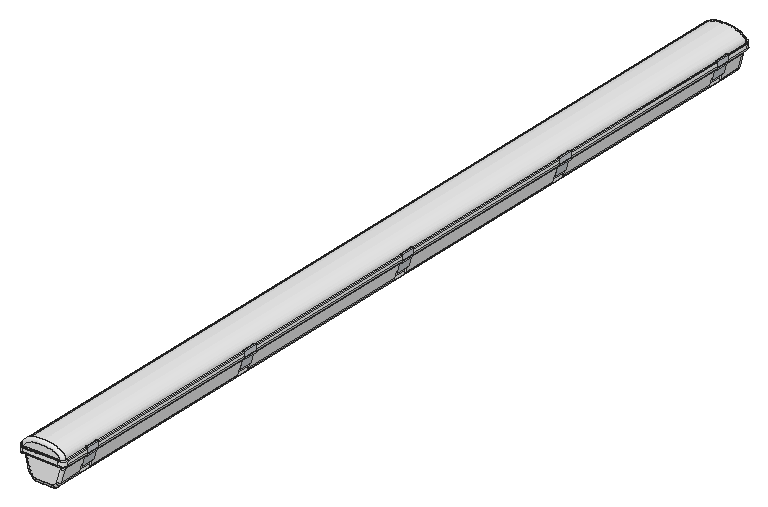
Revit family "0068051", category Lighting Fixtures, host Face, Revit 2017
Family settings
  Host = Face
  Round Connector Dimension = Use Diameter
  Part Type = Normal
  OmniClass Number = 23.80.70.11.14
  OmniClass Title = General Luminaries, Directional
  Cut with Voids When Loaded = No
  Light Source = Yes
  Shared = No
  Room Calculation Point = No
Parameters (values of type "0068051 START Waterproof S 1500 IP65 4000LM 840 SSE")
  Width = 84 mm
  Weight = "2.08 kg"
  Wattage Comments = "n/a"
  Wattage = 35 W
  WarrantyStartDate [instance] = "n/a"
  WarrantyGuarantorParts = "n/a"
  WarrantyDurationUnit = "n/a"
  WarrantyDurationParts = "n/a"
  WarrantyDescription = "n/a"
  built-in parameter 1150110 = 1 (stored number, unit not read)
  Voltage = 230 V
  URL = "http://www.sylvania-lighting.com"
  TypeName = "START Waterproof S 1500 IP65 4000LM 840 SSE"
  Type Image = <None>
  Type Comments = "n/a"
  built-in parameter 1114217 = 1 (stored number, unit not read)
  Tilt Angle = -90.00°
  built-in parameter 1150109 = 1 (stored number, unit not read)
  built-in parameter 1150134 = 12
  built-in parameter 1150113 = 1 (stored number, unit not read)
  SerialNumber [instance] = "n/a"
  ReflectorMaterial = none
  PowerFactor = 0
  PowerConsumption = "35 W"
  Photometric Web File = "0068051.ies"
  NominalWidth = 0 mm
  NominalLength = 1578 mm
  NominalHeight = 75 mm
  Name = "START Waterproof S 1500 IP65 4000LM 840 SSE"
  ModelReference = "START Waterproof S 1500 IP65 4000LM 840 SSE"
  ModelNumber = "0068051"
  Model = "START Waterproof S 1500 IP65 4000LM 840 SSE"
  Material = "polycarbonate housing, polycarbonate diffuser"
  ManufacturerName = "Feilo Sylvania"
  Manufacturer = "Feilo Sylvania"
  LuminousEfficacy = "113 lm/W"
  built-in parameter 1150105 = 314.73 (stored number, unit not read)
  Lumens = 3955 lm
  LuminaireType = ""
  built-in parameter 1150115 = 1 (stored number, unit not read)
  LightOutputRatio = "n/a"
  built-in parameter 1150137 = (empty or 0)
  built-in parameter 1150139 = (empty or 0)
  Length = 1572 mm
  LampsType = Lamp  # "LED"
  LampNominalLuminous = "3940 lm"
  LampMacAdamStep = "n/a"
  LampColourTemperature = "4000 K"
  LampColourRenderingIndex = "80"
  built-in parameter 1150112 = 1 (stored number, unit not read)
  built-in parameter 1150114 = 1 (stored number, unit not read)
  Lamp = "LED"
  Keynote = "16500"
  InstallationDate [instance] = "n/a"
  InputVoltage = "n/a"
  InputNominalFrequency = "n/a"
  built-in parameter 1150132 = (empty or 0)
  built-in parameter 1150102 = (empty or 0)
  built-in parameter 1150107 = 4000 (stored number, unit not read)
  built-in parameter 1150138 = (empty or 0)
  IngressProtection = "IP65"
  ImpactProtectionIndex = "IK08"
  built-in parameter 1150106 = 3.1473 (stored number, unit not read)
  IfcExportType = "IfcLightFixtureType"
  IfcExportAs = "IfcLightFixtureType"
  ExpectedLife = 50000
  Emit from Rectangle Width = Width - 20 mm  # 64 mm
  Emit from Rectangle Length = Length - 20 mm  # 1552 mm
  Emit Shape Visible in Rendering = no
  ElectricShockClassification = "Class I"
  built-in parameter 1150104 = 10.498 (stored number, unit not read)
  DurationUnit = "hours"
  DocumentationLiterature = "http://www.sylvania-lighting.com/product/en-int/products/0068051"
  DimmingControlOptions = "n/a"
  Dimming Lamp Color Temperature Shift = <None>
  DiffuserMaterial = Diffuser-Sylvania-Transparent
  Description = "Start Waterproof, integrated LED weatherproof luminaire, with UV stabilized flat diffuser and linear prisms designed to achieve uniform lit appearance, optimise light output and to reduce glare, stainless steel diffuser clips and fixing brackets for surface mounting. Polycarbonate housing, Polycarbonate diffuser"
  Default Elevation = 1219.2 mm
  CreatedOn = "11/27/2018"
  CreatedBy = "@sylvania-lighting.com"
  Cost = 0
  Color Filter = 16777215
  built-in parameter 1114216 [instance] = (empty or 0)
  ClassificationValue = "EF_70_80"
  ClassificationName = "Uniclass2015"
  BodyMaterial = Body-Sylvania-Gray
  BarCode [instance] = "n/a"
  built-in parameter 1114218 = 1 (stored number, unit not read)
  built-in parameter 1150133 = 10 (stored number, unit not read)
  AssetType = "Fixed"
  AssetIdentifier [instance] = "n/a"
  Assembly Code = "D5020200"
  Apparent Load = 35 VA
  AccessoryMaterial = Diffuser-Sylvania-Glow
Reference planes
  plane 1 "Center (Front/Back)": y = 0
  plane 2: z = 0
  plane 3 "Center (Left/Right)": x = 0
  plane 4: z = 54
  plane 5: x = -14.7
  plane 6: x = -21.8
  plane 7: x = -26.6
  plane 8: x = -29.2
  plane 9: z = 3
  plane 10: z = 7.8
  plane 11: z = 12.3
  plane 12: z = 36.6
  plane 13: z = 42.8
  plane 14: x = -38.1
  plane 15: z = 46.2
  plane 16: x = -42
  plane 17: y = 786
  plane 18: y = -786
  plane 19: x = 14.7
  plane 20: x = 21.8
  plane 21: x = 26.6
  plane 22: x = 29.2
  plane 23: x = 38.1
  plane 24: x = 42
  plane 25: y = 778.4
  plane 26: y = -778.4
  plane 27: y = -774.7
  plane 28: y = 774.7
  plane 29: z = 74
  plane 30: x = -38.5
  plane 31: x = 38.5
  plane 32: z = 55.2
  plane 33: y = -782.5
  plane 34: y = 782.5
  plane 35: x = -24.5
  plane 36: x = 24.5
  plane 37: x = -35.7
  plane 38: x = 35.7
  plane 39: z = 50.2
  plane 40: z = 24.6
  plane 41: y = -720
  plane 42: y = -734
  plane 43: y = -706
  plane 44: y = 720
  plane 45: y = -720
  plane 46: y = -734
  plane 47: y = -706
  plane 48: y = 720
  plane 49: y = 706
  plane 50: y = 734
  plane 51: y = -360
  plane 52: y = -374
  plane 53: y = -346
  plane 54: y = 0
  plane 55: y = -14
  plane 56: y = 14
  plane 57: y = 360
  plane 58: y = 346
  plane 59: y = 374
Forms (mm)
  Sweep 1, solid, material "Body-Sylvania-Gray" <- "BodyMaterial", detail levels medium+fine
    path origin (1223.4, -4572, 54) x (0, -1, 0) y (1, 0, 0)
      loop
        arc (-3796, -1265.4) -> (-3788.929, -1262.471) -> (-3786, -1255.4) r 10
        line (-3786, -1255.4) -> (-3786, -1191.4)
        arc (-3786, -1191.4) -> (-3788.929, -1184.329) -> (-3796, -1181.4) r 10
        line (-3796, -1181.4) -> (-5348, -1181.4)
        arc (-5348, -1181.4) -> (-5355.071, -1184.329) -> (-5358, -1191.4) r 10
        line (-5358, -1191.4) -> (-5358, -1255.4)
        arc (-5358, -1255.4) -> (-5355.071, -1262.471) -> (-5348, -1265.4) r 10
        line (-5348, -1265.4) -> (-3796, -1265.4)
    profile origin (-42, 0, 54) x (-1, 0, 0) y (0, 0, 1)
      loop
        line (0, 0) -> (-1, 0) -> (-1, -7.726)
        arc (-1, -7.726) -> (-1.994, -9.498) -> (-3.9, -10.2) r 2.937
        line (-3.9, -10.2) -> (-8.571, -10.2) -> (-8.571, -11.2) -> (-3.9, -11.2)
        arc (-3.9, -11.2) -> (-1.313, -10.231) -> (0, -7.8) r 3.937
        line (0, -7.8) -> (0, 0)
  Sweep 2, solid, material "Body-Sylvania-Gray" <- "BodyMaterial", detail levels medium+fine
    path origin (0, 0, 0) x (1, 0, 0) y (0, 0, 1)
      loop
        line (35.7, 42.8) -> (35.7, 36.6) -> (29.203, 12.31)
        arc (29.203, 12.31) -> (28.199, 9.884) -> (26.6, 7.8) r 10.052
        line (26.6, 7.8) -> (21.8, 3)
        arc (21.8, 3) -> (18.554, 0.781) -> (14.7, 0) r 9.902
        line (14.7, 0) -> (0, 0) -> (-14.7, 0)
        arc (-14.7, 0) -> (-18.554, 0.781) -> (-21.8, 3) r 9.902
        line (-21.8, 3) -> (-26.6, 7.8)
        arc (-26.6, 7.8) -> (-28.199, 9.884) -> (-29.203, 12.31) r 10.052
        line (-29.203, 12.31) -> (-35.7, 36.6) -> (-35.7, 42.8)
    profile origin (0, 0, 0) x (0, 0, -1) y (0, -1, 0)
      loop
        arc (0, 773.4) -> (-1.464, 776.936) -> (-5, 778.4) r 5
        line (-5, 778.4) -> (-7.8, 778.4) -> (-7.8, -778.4) -> (-5, -778.4)
        arc (-5, -778.4) -> (-1.464, -776.936) -> (0, -773.4) r 5
        line (0, -773.4) -> (0, 773.4)
  Extrusion 3, solid, material "Body-Sylvania-Gray" <- "BodyMaterial", detail levels medium+fine
    sketch origin (1524, 778.4, 1219.2) x (1, 0, 0) y (0, 0, 1)
      loop
        arc (-1545.668, -1204.874) -> (-1545.443, -1205.418) -> (-1545.085, -1205.885) r 2.252
        line (-1545.085, -1205.885) -> (-1540.231, -1210.738)
        arc (-1540.231, -1210.738) -> (-1539.534, -1211.227) -> (-1538.7, -1211.4) r 2.102
        line (-1538.7, -1211.4) -> (-1509.3, -1211.4)
        arc (-1509.3, -1211.4) -> (-1508.466, -1211.227) -> (-1507.769, -1210.738) r 2.102
        line (-1507.769, -1210.738) -> (-1502.915, -1205.885)
        arc (-1502.915, -1205.885) -> (-1502.557, -1205.418) -> (-1502.332, -1204.874) r 2.252
        line (-1502.332, -1204.874) -> (-1496.1, -1181.575) -> (-1496.1, -1176.4) -> (-1551.9, -1176.4) -> (-1551.9, -1181.575) -> (-1545.668, -1204.874)
    from 0 to 1556.8
  Sweep 4, solid, material "Diffuser-Sylvania-Transparent" <- "DiffuserMaterial", detail levels medium+fine
    path origin (0, 0, 0) x (1, 0, 0) y (0, 0, 1)
      loop
        spline (-38.5, 55.2) -> (-37.188, 60.066) -> (-33.342, 64.6) -> (-27.224, 68.494) -> (-19.25, 71.481) -> (-9.965, 73.359) -> (0, 74) -> (9.965, 73.359) -> (19.25, 71.481) -> (27.224, 68.494) -> (33.342, 64.6) -> (37.188, 60.066) -> (38.5, 55.2)
    profile origin (38.5, 0, 55.2) x (0, -1, 0) y (1, 0, 0)
      loop
        arc (782.5, -5.5) -> (780.889, -1.611) -> (777, 0) r 5.5
        line (777, 0) -> (-777, 0)
        arc (-777, 0) -> (-780.889, -1.611) -> (-782.5, -5.5) r 5.5
        line (-782.5, -5.5) -> (-782.5, -6.3) -> (-781.5, -6.3) -> (-781.5, -5.5)
        arc (-781.5, -5.5) -> (-780.182, -2.318) -> (-777, -1) r 4.5
        line (-777, -1) -> (777, -1)
        arc (777, -1) -> (780.182, -2.318) -> (781.5, -5.5) r 4.5
        line (781.5, -5.5) -> (781.5, -6.347) -> (782.5, -6.347) -> (782.5, -5.5)
  Extrusion 5, solid, material "Diffuser-Sylvania-Transparent" <- "DiffuserMaterial", detail levels medium+fine
    sketch origin (1524, -782.5, 1219.2) x (1, 0, 0) y (0, 0, 1)
      loop
        line (-1556.653, -1164) -> (-1491.347, -1164)
        spline (-1491.347, -1164) -> (-1491.939, -1161.945) -> (-1494.434, -1159.066) -> (-1499.342, -1155.96) -> (-1506.338, -1153.35) -> (-1514.799, -1151.648) -> (-1524, -1151.047) -> (-1533.201, -1151.648) -> (-1541.662, -1153.35) -> (-1548.658, -1155.96) -> (-1553.566, -1159.066) -> (-1556.061, -1161.945) -> (-1556.653, -1164)
    from 0 to -1
  Extrusion 6, solid, material "Diffuser-Sylvania-Transparent" <- "DiffuserMaterial", detail levels medium+fine
    sketch origin (1524, 782.5, 1219.2) x (1, 0, 0) y (0, 0, 1)
      loop
        spline (-1491.3, -1164) -> (-1491.898, -1161.922) -> (-1494.404, -1159.03) -> (-1499.322, -1155.918) -> (-1506.325, -1153.305) -> (-1514.793, -1151.602) -> (-1524, -1151) -> (-1533.207, -1151.602) -> (-1541.675, -1153.305) -> (-1548.678, -1155.918) -> (-1553.596, -1159.03) -> (-1556.102, -1161.922) -> (-1556.7, -1164)
        line (-1556.7, -1164) -> (-1491.3, -1164)
    from 0 to 1
  Extrusion 7, solid, material "Diffuser-Sylvania-Glow" <- "AccessoryMaterial", detail levels fine
    sketch origin (0, 0, 0) x (1, 0, 0) y (0, 0, 1)
      loop
        circle (0, 50.2) r 8
    from -774.7 to 774.7
  Extrusion 8, void
    sketch origin (0, -720, 2343.807) x (0, 0, -1) y (-1, 0, 0)
      loop
        line (2340.807, -24.5) -> (2331.507, -24.5) -> (2319.207, -29.2) -> (2319.207, -35.7) -> (2340.807, -35.7) -> (2340.807, -24.5)
      loop
        line (2340.807, 24.5) -> (2340.807, 35.7) -> (2319.207, 35.7) -> (2319.207, 29.2) -> (2331.507, 24.5) -> (2340.807, 24.5)
    from 14 to -14
  Extrusion 9, void, not visible
    sketch origin (0, -720, 2343.807) x (0, 0, -1) y (-1, 0, 0)
      loop
        line (2340.807, -24.5) -> (2331.507, -24.5) -> (2319.207, -29.2) -> (2319.207, -35.7) -> (2340.807, -35.7) -> (2340.807, -24.5)
      loop
        line (2340.807, 24.5) -> (2340.807, 35.7) -> (2319.207, 35.7) -> (2319.207, 29.2) -> (2331.507, 24.5) -> (2340.807, 24.5)
    from 14 to -14
  Extrusion 10, void
    sketch origin (0, 720, 2343.807) x (0, 0, -1) y (-1, 0, 0)
      loop
        line (2340.807, -24.5) -> (2331.507, -24.5) -> (2319.207, -29.2) -> (2319.207, -35.7) -> (2340.807, -35.7) -> (2340.807, -24.5)
      loop
        line (2340.807, 24.5) -> (2340.807, 35.7) -> (2319.207, 35.7) -> (2319.207, 29.2) -> (2331.507, 24.5) -> (2340.807, 24.5)
    from 14 to -14
  Extrusion 11, void
    sketch origin (0, -360, 2343.807) x (0, 0, -1) y (-1, 0, 0)
      loop
        line (2340.807, -24.5) -> (2331.507, -24.5) -> (2319.207, -29.2) -> (2319.207, -35.7) -> (2340.807, -35.7) -> (2340.807, -24.5)
      loop
        line (2340.807, 24.5) -> (2340.807, 35.7) -> (2319.207, 35.7) -> (2319.207, 29.2) -> (2331.507, 24.5) -> (2340.807, 24.5)
    from 14 to -14
  Extrusion 12, void
    sketch origin (0, 0, 2343.807) x (0, 0, -1) y (-1, 0, 0)
      loop
        line (2340.807, -24.5) -> (2331.507, -24.5) -> (2319.207, -29.2) -> (2319.207, -35.7) -> (2340.807, -35.7) -> (2340.807, -24.5)
      loop
        line (2340.807, 24.5) -> (2340.807, 35.7) -> (2319.207, 35.7) -> (2319.207, 29.2) -> (2331.507, 24.5) -> (2340.807, 24.5)
    from 14 to -14
  Extrusion 13, void
    sketch origin (0, 360, 2343.807) x (0, 0, -1) y (-1, 0, 0)
      loop
        line (2340.807, -24.5) -> (2331.507, -24.5) -> (2319.207, -29.2) -> (2319.207, -35.7) -> (2340.807, -35.7) -> (2340.807, -24.5)
      loop
        line (2340.807, 24.5) -> (2340.807, 35.7) -> (2319.207, 35.7) -> (2319.207, 29.2) -> (2331.507, 24.5) -> (2340.807, 24.5)
    from 14 to -14
  Extrusion 14, solid, material "Diffuser-Sylvania-Transparent" <- "DiffuserMaterial", detail levels medium+fine
    sketch origin (1223.4, -4572, 54) x (0, -1, 0) y (-1, 0, 0)
      loop
        arc (-5348, 1265.4) -> (-5355.071, 1262.471) -> (-5358, 1255.4) r 10
        line (-5358, 1255.4) -> (-5358, 1191.4)
        arc (-5358, 1191.4) -> (-5355.071, 1184.329) -> (-5348, 1181.4) r 10
        line (-5348, 1181.4) -> (-3796, 1181.4)
        arc (-3796, 1181.4) -> (-3788.929, 1184.329) -> (-3786, 1191.4) r 10
        line (-3786, 1191.4) -> (-3786, 1255.4)
        arc (-3786, 1255.4) -> (-3788.929, 1262.471) -> (-3796, 1265.4) r 10
        line (-3796, 1265.4) -> (-5348, 1265.4)
      loop
        arc (-5354.5, 1190.394) -> (-5352.887, 1186.509) -> (-5349, 1184.9) r 5.5
        line (-5349, 1184.9) -> (-3795, 1184.9)
        arc (-3795, 1184.9) -> (-3791.113, 1186.509) -> (-3789.5, 1190.394) r 5.5
        line (-3789.5, 1190.394) -> (-3789.5, 1256.406)
        arc (-3789.5, 1256.406) -> (-3791.113, 1260.291) -> (-3795, 1261.9) r 5.5
        line (-3795, 1261.9) -> (-5349, 1261.9)
        arc (-5349, 1261.9) -> (-5352.887, 1260.291) -> (-5354.5, 1256.406) r 5.5
        line (-5354.5, 1256.406) -> (-5354.5, 1190.394)
    from 0 to -1.2
  Extrusion 15, solid, material "Body-Sylvania-Gray" <- "BodyMaterial", detail levels coarse
    sketch origin (0, 0, 0) x (1, 0, 0) y (0, 0, 1)
      loop
        line (-42, 55.2) -> (-42, 42.8) -> (-26.6, 0) -> (26.6, 0) -> (42, 42.8) -> (42, 55.2) -> (-42, 55.2)
    from -786 to 786
  Extrusion 16, solid, material "Diffuser-Sylvania-Transparent" <- "DiffuserMaterial", detail levels coarse
    sketch origin (0, 0, 0) x (1, 0, 0) y (0, 0, 1)
      loop
        line (-38.5, 55.2) -> (38.5, 55.2)
        arc (38.5, 55.2) -> (0, 74) -> (-38.5, 55.2) r 48.822
    from -778.4 to 778.4
Cuts and joins
  Extrusion 8, Extrusion 10, Extrusion 11, Extrusion 12, Extrusion 13 cuts Sweep 2
  Extrusion 8, Extrusion 10, Extrusion 11, Extrusion 12, Extrusion 13 cuts Extrusion 3
  joined: Sweep 2, Extrusion 3
  joined: Sweep 4, Extrusion 5, Extrusion 6, Extrusion 14
Dimensions and locks
  locked: plane 4 to plane 2 at 54
  plane 5 to plane 6 to plane 7 to plane 8 to plane 14 to plane 16 = 7.1 mm locked, 4.8 mm locked, 2.6 mm locked, 8.9 mm locked, 3.9 mm locked
  plane 4 to plane 15 to plane 13 to plane 12 to plane 11 to plane 10 to plane 9 = 7.8 mm locked, 3.4 mm, 6.2 mm locked, 24.3 mm locked, 4.5 mm locked, 4.8 mm locked
  equal spacing: plane 18, plane 1 "Center (Front/Back)", plane 17
  "Length": plane 18 to plane 17
  plane 19 to plane 20 to plane 21 to plane 22 to plane 23 to plane 24 = 7.1 mm locked, 4.8 mm locked, 2.6 mm locked, 8.9 mm, 3.9 mm
  equal spacing: plane 24, plane 3 "Center (Left/Right)", plane 16
  "Width": plane 24 to plane 16
  equal spacing: plane 27, plane 1 "Center (Front/Back)", plane 28
  locked: plane 26 to plane 27 at 3.7
  locked: Sweep 1 sketch curve to profile plane at 1
  locked: Sweep 1 sketch curve to plane 13 at 1
  locked: Sweep 1 sketch curve to plane 13 at 3.937  (x2)
  locked: Sweep 1 sketch curve to profile plane at 3.9  (x2)
  plane 29 to plane 4 = 20 mm
  equal spacing: plane 31, plane 3 "Center (Left/Right)", plane 30
  locked: plane 30 to plane 16 at 3.5
  locked: plane 32 to plane 4 at 1.2
  equal spacing: plane 33, plane 1 "Center (Front/Back)", plane 34
  equal spacing: plane 36, plane 3 "Center (Left/Right)", plane 35
  locked: plane 34 to plane 17 at 3.5
  equal spacing: plane 38, plane 3 "Center (Left/Right)", plane 37
  locked: plane 37 to plane 16 at 6.3
  equal spacing: plane 25, plane 1 "Center (Front/Back)", plane 26
  locked: plane 17 to plane 25 at 7.6
  locked: Sweep 2 sketch curve to plane 2 at 5  (x2)
  locked: Sweep 2 sketch curve to plane 26 at 5
  locked: plane 25 to Sweep 2 sketch curve at 5
  locked: Sweep 4 sketch curve to plane 31 at 5.5  (x2)
  locked: Sweep 4 sketch curve to plane 34 at 5.5
  plane 33 to Sweep 4 sketch curve = 5.5 mm
  locked: plane 34 to Sweep 4 sketch curve at 1
  locked: Sweep 4 sketch curve to plane 31 at 1
  locked: Sweep 4 sketch curve to Sweep 4 sketch curve at 1
  locked: Sweep 4 sketch curve to plane 31 at 6.347
  locked: Sweep 4 sketch curve to plane 31 at 6.3
  locked: plane 40 to plane 2 at 24.6
  locked: plane 6 to plane 35 at 2.7
  locked: plane 1 "Center (Front/Back)" to plane 41 at 720
  plane 43 to plane 41 to plane 42 = 14 mm locked, 14 mm locked
  locked: plane 44 to plane 1 "Center (Front/Back)" at 720
  plane 47 to plane 45 to plane 46 = 14 mm locked, 14 mm locked
  plane 50 to plane 48 to plane 49 = 14 mm locked, 14 mm locked  (x2)
  equal spacing: group 1, group 6, group 7, group 8, group 5  (x3)
  plane 53 to plane 51 to plane 52 = 14 mm locked, 14 mm locked  (x2)
  plane 56 to plane 54 to plane 55 = 14 mm locked, 14 mm locked  (x2)
  plane 59 to plane 57 to plane 58 = 14 mm locked, 14 mm locked  (x2)
  plane 48 to plane 57 to plane 1 "Center (Front/Back)" to plane 51 to plane 41 = 360 mm locked, 360 mm locked, 360 mm locked, 360 mm locked
  aligned and locked: plane 2 to host face
  aligned and locked: level to host face
  aligned and locked: plane 16 to Sweep 1 sketch curve
  aligned and locked: Sweep 1 sketch curve to plane 24
  aligned and locked: plane 18 to Sweep 1 sketch curve
  aligned and locked: Sweep 1 sketch curve to plane 13
  aligned and locked: profile plane to Sweep 1 sketch curve
  aligned and locked: plane 3 "Center (Left/Right)" to Sweep 2 sketch curve
  aligned and locked: plane 9 to Sweep 2 sketch curve
  aligned and locked: plane 10 to Sweep 2 sketch curve
  aligned and locked: plane 37 to Sweep 2 sketch curve
  aligned and locked: plane 12 to Sweep 2 sketch curve
  aligned and locked: Sweep 2 sketch curve to level
  aligned and locked: plane 21 to Sweep 2 sketch curve
  aligned and locked: plane 38 to Sweep 2 sketch curve
  aligned and locked: profile plane to Sweep 2 sketch curve
  aligned and locked: plane 25 to Sweep 2 sketch curve
  aligned and locked: Sweep 2 sketch curve to plane 10
  aligned and locked: Extrusion 3 sketch curve to Sweep 2  (x7)
  aligned and locked: Sweep 2 to Extrusion 3 sketch curve
  aligned and locked: Extrusion 3 to plane 25
  aligned and locked: plane 26 to Extrusion 3
  aligned and locked: plane 32 to Sweep 4 sketch curve
  aligned and locked: plane 33 to Sweep 4 sketch curve
  aligned and locked: Sweep 4 to Extrusion 5
  aligned and locked: plane 33 to Extrusion 5
  aligned and locked: plane 39 to Extrusion 7 sketch curve
  aligned and locked: plane 27 to Extrusion 7
  aligned and locked: Extrusion 7 to plane 28
  aligned and locked: Extrusion 6 sketch curve to Sweep 4
  aligned and locked: Extrusion 5 sketch curve to Sweep 4
  aligned and locked: Extrusion 8 to plane 43
  aligned and locked: plane 42 to Extrusion 8
  aligned and locked: Extrusion 10 to plane 50
  aligned and locked: plane 49 to Extrusion 10
  aligned and locked: Extrusion 11 to plane 53
  aligned and locked: plane 52 to Extrusion 11
  aligned and locked: Extrusion 12 to plane 56
  aligned and locked: plane 55 to Extrusion 12
  aligned and locked: Extrusion 13 to plane 59
  aligned and locked: plane 58 to Extrusion 13
  aligned and locked: plane 3 "Center (Left/Right)" to Extrusion 7 sketch curve
  aligned and locked: Extrusion 14 sketch curve to Sweep 1  (x4)
  aligned and locked: Extrusion 14 to plane 32
  aligned and locked: plane 4 to Extrusion 14
  aligned and locked: plane 48 to nested 1
  aligned and locked: plane 57 to nested 2
  aligned and locked: plane 54 to nested 3
  aligned and locked: nested 4 to plane 51
  aligned and locked: nested 5 to plane 41
  aligned and locked: plane 41 to nested 10
  aligned and locked: plane 51 to nested 9
  aligned and locked: plane 54 to nested 8
  aligned and locked: plane 57 to nested 7
  aligned and locked: plane 48 to nested 6
  aligned and locked: plane 1 "Center (Front/Back)" to imposter light
  aligned and locked: plane 3 "Center (Left/Right)" to imposter light
  aligned and locked: imposter light to plane 29
  aligned and locked: plane 7 to Extrusion 15 sketch curve
  aligned and locked: plane 2 to Extrusion 15 sketch curve
  aligned and locked: Extrusion 15 sketch curve to nested 6
  aligned and locked: Extrusion 15 sketch curve to nested 1
  aligned and locked: plane 18 to Extrusion 15
  aligned and locked: Extrusion 15 to plane 17
  aligned and locked: Extrusion 15 to Sweep 1  (x2)
  aligned and locked: plane 30 to Extrusion 16 sketch curve
  aligned and locked: plane 31 to Extrusion 16 sketch curve
  aligned and locked: Extrusion 16 sketch curve to cut or joined group of Sweep 4, Extrusion 5, Extrusion 6, Extrusion 14
  aligned and locked: Extrusion 16 to plane 25
  aligned and locked: plane 26 to Extrusion 16
Automatic sketch dimensions
  host sketch curve to host sketch curve = 2438.4 mm  (x2)
  plane 17 to Sweep 1 sketch curve = 0 mm
  Sweep 1 sketch curve to plane 28 = 1.3 mm
  Sweep 1 sketch curve to plane 7 = 5.4 mm
  plane 27 to Sweep 1 sketch curve = 1.3 mm  (x2)
  Sweep 1 sketch curve to Sweep 1 sketch curve = 4.671 mm
  Sweep 1 sketch curve to plane 4 = 0 mm
  Sweep 2 sketch curve to plane 7 = 0 mm
  Sweep 2 sketch curve to plane 6 = 0 mm
  Sweep 2 sketch curve to plane 5 = 0 mm
  plane 19 to Sweep 2 sketch curve = 0 mm
  Sweep 2 sketch curve to plane 9 = 0 mm
  plane 20 to Sweep 2 sketch curve = 0 mm
  Sweep 2 sketch curve to plane 12 = 0 mm
  Sweep 2 sketch curve to plane 10 = 0 mm
  Sweep 2 sketch curve to plane 13 = 0 mm  (x2)
  Sweep 2 sketch curve to plane 8 = 0.003 mm
  plane 6 to Sweep 2 sketch curve = 2.308 mm
  plane 20 to Sweep 2 sketch curve = 2.308 mm
  Sweep 2 sketch curve to plane 22 = 0.003 mm
  Sweep 2 sketch curve to plane 11 = 0.01 mm  (x2)
  Extrusion 3 sketch curve to plane 5 = 0 mm
  plane 19 to Extrusion 3 sketch curve = 0 mm
  plane 6 to Extrusion 3 sketch curve = 0.132 mm
  plane 6 to Extrusion 3 sketch curve = 0.715 mm
  Extrusion 3 sketch curve to Extrusion 3 sketch curve = 1.592 mm
  Extrusion 3 sketch curve to plane 10 = 0.662 mm  (x2)
  plane 20 to Extrusion 3 sketch curve = 2.308 mm
  plane 20 to Extrusion 3 sketch curve = 0.715 mm
  plane 20 to Extrusion 3 sketch curve = 0.132 mm
  Sweep 4 sketch curve to plane 30 = 0 mm
  Sweep 4 sketch curve to plane 3 "Center (Left/Right)" = 0 mm
  Sweep 4 sketch curve to Sweep 4 sketch curve = 0 mm  (x2)
  plane 37 to Extrusion 6 sketch curve = 3 mm
  Extrusion 6 sketch curve to plane 38 = 3 mm
  plane 37 to Extrusion 5 sketch curve = 3.047 mm
  Extrusion 5 sketch curve to plane 38 = 3.047 mm
  Extrusion 8 sketch curve to Extrusion 8 sketch curve = 0 mm
  Extrusion 8 sketch curve to Extrusion 8 sketch curve = 12.3 mm  (x2)
  Extrusion 8 sketch curve to Extrusion 8 sketch curve = 9.3 mm  (x2)
  Extrusion 8 sketch curve to Extrusion 8 sketch curve = 6.5 mm  (x2)
  Extrusion 8 sketch curve to Extrusion 8 sketch curve = 4.7 mm  (x2)
  Extrusion 8 sketch curve to Extrusion 8 sketch curve = 49 mm
  Extrusion 9 sketch curve to Extrusion 9 sketch curve = 0 mm
  Extrusion 9 sketch curve to Extrusion 9 sketch curve = 12.3 mm  (x2)
  Extrusion 9 sketch curve to Extrusion 9 sketch curve = 9.3 mm  (x2)
  Extrusion 9 sketch curve to Extrusion 9 sketch curve = 6.5 mm  (x2)
  Extrusion 9 sketch curve to Extrusion 9 sketch curve = 4.7 mm  (x2)
  Extrusion 9 sketch curve to Extrusion 9 sketch curve = 49 mm
  Extrusion 10 sketch curve to Extrusion 10 sketch curve = 0 mm
  Extrusion 10 sketch curve to Extrusion 10 sketch curve = 12.3 mm  (x2)
  Extrusion 10 sketch curve to Extrusion 10 sketch curve = 9.3 mm  (x2)
  Extrusion 10 sketch curve to Extrusion 10 sketch curve = 6.5 mm  (x2)
  Extrusion 10 sketch curve to Extrusion 10 sketch curve = 4.7 mm  (x2)
  Extrusion 10 sketch curve to Extrusion 10 sketch curve = 49 mm
  Extrusion 11 sketch curve to Extrusion 11 sketch curve = 0 mm
  Extrusion 11 sketch curve to Extrusion 11 sketch curve = 12.3 mm  (x2)
  Extrusion 11 sketch curve to Extrusion 11 sketch curve = 9.3 mm  (x2)
  Extrusion 11 sketch curve to Extrusion 11 sketch curve = 6.5 mm  (x2)
  Extrusion 11 sketch curve to Extrusion 11 sketch curve = 4.7 mm  (x2)
  Extrusion 11 sketch curve to Extrusion 11 sketch curve = 49 mm
  Extrusion 12 sketch curve to Extrusion 12 sketch curve = 0 mm
  Extrusion 12 sketch curve to Extrusion 12 sketch curve = 12.3 mm  (x2)
  Extrusion 12 sketch curve to Extrusion 12 sketch curve = 9.3 mm  (x2)
  Extrusion 12 sketch curve to Extrusion 12 sketch curve = 6.5 mm  (x2)
  Extrusion 12 sketch curve to Extrusion 12 sketch curve = 4.7 mm  (x2)
  Extrusion 12 sketch curve to Extrusion 12 sketch curve = 49 mm
  Extrusion 13 sketch curve to Extrusion 13 sketch curve = 0 mm
  Extrusion 13 sketch curve to Extrusion 13 sketch curve = 12.3 mm  (x2)
  Extrusion 13 sketch curve to Extrusion 13 sketch curve = 9.3 mm  (x2)
  Extrusion 13 sketch curve to Extrusion 13 sketch curve = 6.5 mm  (x2)
  Extrusion 13 sketch curve to Extrusion 13 sketch curve = 4.7 mm  (x2)
  Extrusion 13 sketch curve to Extrusion 13 sketch curve = 49 mm
  Extrusion 14 sketch curve to plane 34 = 0 mm
  plane 30 to Extrusion 14 sketch curve = 0 mm
  Extrusion 14 sketch curve to plane 31 = 0 mm
  plane 33 to Extrusion 14 sketch curve = 0 mm
  plane 25 to Extrusion 14 sketch curve = 1.4 mm  (x4)
  Extrusion 14 sketch curve to plane 26 = 1.4 mm  (x4)
  plane 37 to Extrusion 14 sketch curve = 2.694 mm  (x2)
  Extrusion 14 sketch curve to plane 38 = 2.694 mm  (x2)
  plane 21 to Extrusion 15 sketch curve = 0 mm
  Extrusion 15 sketch curve to plane 13 = 0 mm  (x2)
  Extrusion 15 sketch curve to plane 32 = 0 mm
  Extrusion 16 sketch curve to plane 40 = 0.578 mm
  radius of Extrusion 7 sketch curve = 8 mm
Nested families
  nested 1: "Clip" at (-29.2, 720, 24.6) x (-1, 0, 0) z (0, 0, 1), type "Clip", detail levels fine
  nested 2: "Clip" at (-29.2, 360, 24.6) x (-1, 0, 0) z (0, 0, 1), type "Clip", detail levels fine
  nested 3: "Clip" at (-29.2, 0, 24.6) x (-1, 0, 0) z (0, 0, 1), type "Clip", detail levels fine
  nested 4: "Clip" at (-29.2, -360, 24.6) x (-1, 0, 0) z (0, 0, 1), type "Clip", detail levels fine
  nested 5: "Clip" at (-29.2, -720, 24.6) x (-1, 0, 0) z (0, 0, 1), type "Clip", detail levels fine
  nested 6: "Clip" at (29.2, 720, 24.6), type "Clip", detail levels fine
  nested 7: "Clip" at (29.2, 360, 24.6), type "Clip", detail levels fine
  nested 8: "Clip" at (29.2, 0, 24.6), type "Clip", detail levels fine
  nested 9: "Clip" at (29.2, -360, 24.6), type "Clip", detail levels fine
  nested 10: "Clip" at (29.2, -720, 24.6), type "Clip", detail levels fine
Connectors
  electrical at (0, 0, 0), driven by "Apparent Load"
    settings: index 1, voltage 230 V, apparent load 35 VA, apparent load phase1 0 VA, apparent load phase2 0 VA, apparent load phase3 0 VA, power factor 0, load classification "Lighting", number of poles 1, system type 30, power factor state 1, is connector primary yes, connector utility no, sub classification motor no, connector description ""
Definition of nested family "Clip"
  Parameters (values of type "Clip")
    URL = "http://www.feilosylvania.com"
    Type Comments = "n/a"
    Model = "n/a"
    Manufacturer = "Feilo Sylvania"
    Keynote = "n/a"
    Description = "n/a"
    Default Elevation = 1219.2 mm
    Cost = 0
    BodyMaterial = none
    Assembly Code = "n/a"
  Reference planes
    plane 1 "Center (Front/Back)": y = 0
    plane 2: z = 0
    plane 3 "Center (Left/Right)": x = 0
    plane 4: x = 3.3
    plane 5: x = 6.5
    plane 6: x = 8.9
    plane 7: x = 12.8
    plane 8: z = 12
    plane 9: z = 18.2
    plane 10: z = 21.6
    plane 11: z = 30.6
    plane 12: x = 9.3
    plane 13: z = 19.2
    plane 14: z = 16.2
    plane 15: x = 10.1
    plane 16: y = 12
    plane 17: y = -12
  Forms (mm)
    Extrusion 1, solid
      sketch origin (-0.8, 0, 0) x (1, 0, 0) y (0, 1, 0)
        loop
          line (-1219.2, 1219.2) -> (-1219.2, -1219.2) -> (1219.2, -1219.2) -> (1219.2, 1219.2) -> (-1219.2, 1219.2)
      from 0 to -304.8
    Extrusion 2, solid
      sketch origin (0, 0, 0) x (1, 0, 0) y (0, 0, 1)
        loop
          line (8.9, 16.2) -> (4.58, 0) -> (0, 0) -> (0, -0.8) -> (5.195, -0.8) -> (9.603, 15.731) -> (13.6, 18.806) -> (13.6, 30.6)
          arc (13.6, 30.6) -> (11.45, 32.75) -> (9.3, 30.6) r 2.15
          line (9.3, 30.6) -> (10.1, 30.6)
          arc (10.1, 30.6) -> (11.45, 31.95) -> (12.8, 30.6) r 1.35
          line (12.8, 30.6) -> (12.8, 19.2) -> (8.9, 16.2)
      from -12 to 12
  Lines and regions (mm)
    reference lines
      curve 1: line (3.3, 0, 0) -> (6.5, 0, 12)
      curve 2: arc (8.9, 0, 18.2) -> (11.488, 0, 19.169) -> (12.8, 0, 21.6) r 3.934
  Dimensions and locks
    plane 7 to plane 6 to plane 5 to plane 4 to plane 3 "Center (Left/Right)" = 3.9 mm locked, 2.4 mm locked, 3.2 mm locked, 3.3 mm locked
    plane 11 to plane 10 to plane 9 to plane 8 to plane 2 = 9 mm locked, 3.4 mm locked, 6.2 mm locked, 12 mm locked
    locked: plane 7 to plane 12 at 3.5
    locked: plane 13 to plane 9 at 1
    locked: plane 9 to plane 14 at 2
    locked: plane 15 to plane 12 at 0.8
    locked: plane 2 to Extrusion 2 sketch curve at 0.8
    locked: Extrusion 2 sketch curve to Extrusion 2 sketch curve at 0.8  (x3)
    locked: plane 7 to Extrusion 2 sketch curve at 1.35
    equal spacing: plane 17, plane 1 "Center (Front/Back)", plane 16
    locked: plane 1 "Center (Front/Back)" to plane 16 at 12
    aligned and locked: plane 2 to Extrusion 1
    aligned and locked: level to Extrusion 1
    aligned and locked: plane 4 to curve 1
    aligned and locked: plane 5 to curve 1
    aligned and locked: plane 6 to curve 2
    aligned and locked: plane 10 to curve 2
    aligned and locked: plane 14 to Extrusion 2 sketch curve
    aligned and locked: plane 13 to Extrusion 2 sketch curve
    aligned and locked: plane 7 to Extrusion 2 sketch curve
    aligned and locked: plane 3 "Center (Left/Right)" to Extrusion 2 sketch curve
    aligned and locked: Extrusion 2 sketch curve to level
    aligned and locked: Extrusion 2 sketch curve to plane 11
    aligned and locked: plane 11 to Extrusion 2 sketch curve
    aligned and locked: Extrusion 2 to plane 16
    aligned and locked: plane 17 to Extrusion 2
  Automatic sketch dimensions
    Extrusion 1 sketch curve to Extrusion 1 sketch curve = 2438.4 mm  (x2)
    curve 2 to plane 7 = 0 mm
    curve 1 to level = 0 mm
    curve 1 to plane 8 = 0 mm
    curve 2 to plane 9 = 0 mm
    plane 6 to curve 2 = 0.002 mm
    Extrusion 2 sketch curve to Extrusion 2 sketch curve = 0 mm
    Extrusion 2 sketch curve to plane 6 = 0 mm
    plane 4 to Extrusion 2 sketch curve = 1.28 mm
